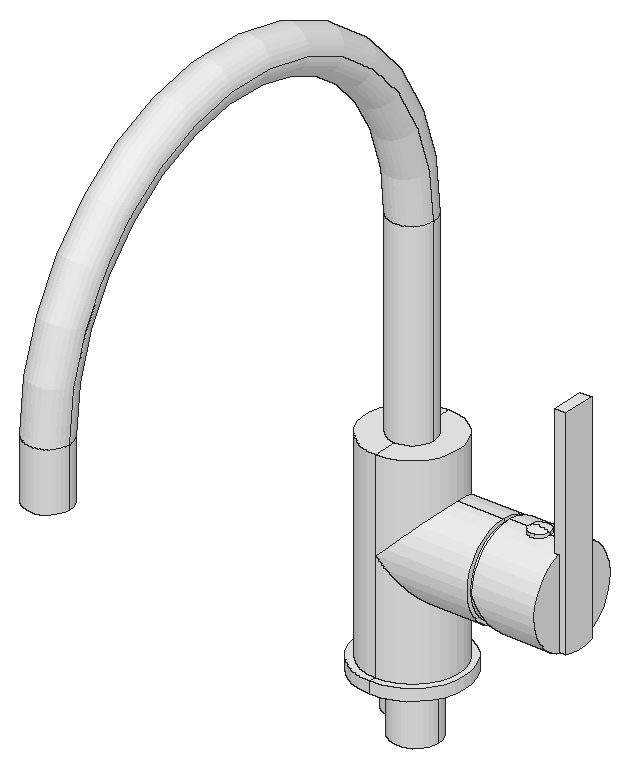
Revit family "Mixer-Sink-Irwell Yukon-Gooseneck", category Plumbing Fixtures, host Face, Revit 2013
Parameters (values of type "Standard")
  Waste Connection = no
  Vent Connection = no
  URL = "www.irwell.com.au"
  Type Comments = "Irwell Yukon Gooseneck Sink Mixer"  # constant formula
  ModifiedIssue_ANZRS = 2013.1  # constant formula
  Model = "872211C4A"  # constant formula
  Material_ANZRS = Metal-Chrome-Caroma
  Manufacturer = "GWA Bathrooms & Kitchens"  # constant formula
  HWFU = 1.98  # constant formula
  HW Connection = yes
  Description = "WELS 4 Star Rated, 7.5L/min"  # constant formula
  Default Elevation = 0 mm
  CreatedBy_ANZRS = "Design Content"  # constant formula
  CreatedByURL_ANZRS = "www.designcontent.com.au"
  Cost = 0
  Connector Radius = 10 mm
  CWFU = 1.98  # constant formula
  CW Connection = yes
  Assembly Code = "C1030210"
Reference planes
  plane 1 "Center (Front/Back)": y = 0
  plane 2: z = 0
  plane 3 "Center (Left/Right)": x = 0
Forms (mm)
  Extrusion 1, solid, material "Metal-Chrome-Caroma" <- "Material_ANZRS"
    sketch origin (14.142, 0, 0) x (1, 0, 0) y (0, 1, 0)
      loop
        circle (-7.071, -7.071) r 10
    from -20 to 0
  Extrusion 2, solid, material "Metal-Chrome-Caroma" <- "Material_ANZRS"
    sketch origin (-14.142, 0, 0) x (-1, 0, 0) y (0, -1, 0)
      loop
        circle (-7.071, -7.071) r 10
    from -20 to 0
  Revolve 3, solid, material "Metal-Chrome-Caroma" <- "Material_ANZRS"
    sketch origin (0, 0, 0) x (0, 1, 0) y (0, 0, 1)
      loop
        line (-23, 0) -> (0, 0) -> (0, 92.017) -> (-20, 92.017) -> (-20, 5.017) -> (-23, 5.017) -> (-23, 0)
      axis (0, 0) -> (0, 92.017)
    angle from 0 to 360
  Sweep 4, solid, material "Metal-Chrome-Caroma" <- "Material_ANZRS"
    path origin (0, 0, 0) x (0, 1, 0) y (0, 0, 1)
      loop
        line (0, 92.017) -> (0, 177.517)
        arc (0, 177.517) -> (-99, 276.517) -> (-198, 177.517) r 99
        line (-198, 177.517) -> (-198, 152.017)
    profile origin (0, 0, 134.767) x (0, -1, 0) y (1, 0, 0)
      loop
        circle (0, 0) r 9.5
  Revolve 5, solid, material "Metal-Chrome-Caroma" <- "Material_ANZRS"
    sketch origin (31.461, 0, 9.021) x (1, 0, 0) y (0, 0, 1)
      loop
        line (-31.461, 43.475) -> (27.055, 43.475)
        arc (27.055, 43.475) -> (21.631, 56.567) -> (8.539, 61.991) r 18.516
        line (8.539, 61.991) -> (8.539, 63.41) -> (-31.461, 63.41) -> (-31.461, 43.475)
      axis (-31.461, 43.475) -> (27.055, 43.475)
    angle from 0 to 360
  Revolve 6, solid, material "Metal-Chrome-Caroma" <- "Material_ANZRS"
    sketch origin (31.461, 0, 9.021) x (1, 0, 0) y (0, 0, 1)
      loop
        line (11.039, 43.475) -> (38.039, 43.475) -> (38.039, 63.953) -> (11.039, 63.953) -> (11.039, 43.475)
      axis (11.039, 43.475) -> (38.039, 43.475)
    angle from 0 to 360
  Extrusion 7, void
    sketch origin (0, 0, 0) x (1, 0, 0) y (0, 0, 1)
      loop
        line (41.051, 56.478) -> (41.051, 29.004) -> (51.051, 29.004) -> (41.051, 56.478)
    from -100 to 100
  Extrusion 8, solid, material "Metal-Chrome-Caroma" <- "Material_ANZRS"
    sketch origin (0, 0, 0) x (0, 1, 0) y (0, 0, 1)
      loop
        line (7, 128.017) -> (-7, 128.017) -> (-7, 33.829)
        arc (-7, 33.829) -> (0, 32.56) -> (7, 33.829) r 19.936
        line (7, 33.829) -> (7, 128.017)
    from 67.5 to 72.5
  Revolve 9, solid, material "Metal-Chrome-Caroma" <- "Material_ANZRS"
    sketch origin (31.461, 0, 9.021) x (1, 0, 0) y (0, 0, 1)
      loop
        line (19.576, 64.996) -> (19.576, 62.526) -> (24.039, 62.526) -> (24.039, 65.996)
        arc (24.039, 65.996) -> (21.752, 65.743) -> (19.576, 64.996) r 10.459
      axis (24.039, 65.996) -> (24.039, 62.526)
    angle from 0 to 360
Cuts and joins
  Extrusion 7 cuts Revolve 6
  joined: Revolve 3, Sweep 4, Revolve 5, Revolve 6, Extrusion 8, Revolve 9
Lines and regions (mm)
  Masking region 1
    outline origin (0, 0, 0) x (1, 0, 0) y (0, 0, 1)
      loop
        line (0, 0) -> (23, 0) -> (23, 5.017) -> (20, 5.017) -> (20, 32.56) -> (40, 32.56) -> (40, 33.98)
        arc (40, 33.98) -> (44.365, 34.514) -> (48.492, 36.033) r 19.105
        line (48.492, 36.033) -> (49.953, 32.018) -> (72.5, 32.018) -> (72.5, 128.017) -> (67.5, 128.017) -> (67.5, 72.974) -> (59.963, 72.974) -> (59.963, 74.017)
        arc (59.963, 74.017) -> (55.5, 75.04) -> (51.037, 74.017) r 10.246
        line (51.037, 74.017) -> (51.037, 72.974) -> (42.5, 72.974) -> (42.5, 70.843)
        arc (42.5, 70.843) -> (41.253, 70.966) -> (40, 71.012) r 20.027
        line (40, 71.012) -> (40, 72.432) -> (20, 72.432) -> (20, 92.017) -> (9.5, 92.017) -> (9.5, 276.47)
        arc (9.5, 276.47) -> (0, 285.97) -> (-9.5, 276.47) r 9.5
        line (-9.5, 276.47) -> (-9.5, 92.017) -> (-20, 92.017) -> (-20, 5.017) -> (-23, 5.017) -> (-23, 0) -> (0, 0)
  Masking region 2
    outline origin (0, 0, 0) x (1, 0, 0) y (0, 1, 0)
      loop
        arc (9.5, -20.946) -> (10.497, -20.465) -> (11.47, -19.936) r 23
        line (11.47, -19.936) -> (40, -19.936) -> (40, -18.516)
        arc (40, -18.516) -> (41.251, -18.451) -> (42.5, -18.347) r 40.401
        line (42.5, -18.347) -> (42.5, -20.478) -> (69.5, -20.478) -> (69.5, -7) -> (72.5, -7) -> (72.5, 7) -> (69.5, 7) -> (69.5, 20.478) -> (42.5, 20.478) -> (42.5, 18.347)
        arc (42.5, 18.347) -> (41.251, 18.451) -> (40, 18.516) r 40.401
        line (40, 18.516) -> (40, 19.936) -> (11.47, 19.936)
        arc (11.47, 19.936) -> (-20.465, 10.497) -> (-9.5, -20.946) r 23
        line (-9.5, -20.946) -> (-9.5, -198)
        arc (-9.5, -198) -> (0, -207.5) -> (9.5, -198) r 9.5
        line (9.5, -198) -> (9.5, -20.946)
  symbolic lines
    curve 1: line (-20, 0, 92.017) -> (20, 0, 92.017)
    curve 2: line (-9.5, 0, 152.017) -> (9.5, 0, 152.017)
    curve 3: line (-20, 0, 5.017) -> (20, 0, 5.017)
    curve 4: line (20, 0, 32.56) -> (0.029, 0, 52.531)
    curve 5: line (0.029, 0, 52.531) -> (20, 0, 72.501)
    curve 6: line (40, 0, 72.432) -> (40, 0, 32.56)
    curve 7: line (42.5, 0, 72.974) -> (42.5, 0, 52.496)
    curve 8: line (42.5, 0, 52.496) -> (49.978, 0, 31.951)
    curve 9: line (67.5, 0, 71.741) -> (69.5, 0, 71.741)
    curve 10: line (69.5, 0, 71.741) -> (69.5, 0, 32.018)
    curve 11: line (72.5, 0, 33.829) -> (69.5, 0, 33.829)
    curve 12: line (67.5, 0, 71.741) -> (67.5, 0, 128.017)
    curve 13: line (59.963, 0, 72.974) -> (51.037, 0, 72.974)
    curve 14: line (59.963, 0, 74.017) -> (51.037, 0, 74.017)
    curve 15: circle (0, 0, 0) r 19.936 normal (0, 0, 1)
    curve 16: line (40, 19.936, 0) -> (0, 19.936, 0)
    curve 17: line (40, -19.936, 0) -> (9.5, -19.936, 0)
    curve 18: line (9.5, 0, 0) -> (9.5, -198, 0)
    curve 19: arc (9.5, -198, 0) -> (0, -207.5, 0) -> (-9.5, -198, 0) r 9.5
    curve 20: line (-9.5, -198, 0) -> (-9.5, 0, 0)
    curve 21: arc (-9.5, 0, 0) -> (0, 9.5, 0) -> (9.5, 0, 0) r 9.5
    curve 22: line (40, -19.936, 0) -> (40, 19.936, 0)
    curve 23: line (42.501, 20.408, 0) -> (42.5, -20.478, 0)
    curve 24: line (67.5, 7, 0) -> (72.5, 7, 0)
    curve 25: line (67.5, -7, 0) -> (67.5, 7, 0)
    curve 26: line (72.5, -7, 0) -> (67.5, -7, 0)
    curve 27: line (72.5, 7, 0) -> (72.5, -7, 0)
Dimensions and locks
  aligned and locked: plane 2 to host face
  aligned and locked: level to host face
Connectors
  piping at (7.071, -7.071, -20), driven by "Connector Radius", driven by "CWFU"
    settings: on Extrusion 1, index 3, connector radius 0.3937", flow factor 0, pipe flow 0 GPM, pressure drop 0.00 psi, fitting loss kfactor 0, connector angle 0.00°, fixture units 1.98, engagement length 0 mm, flow configuration 3, flow direction 1, fitting loss method 1, system type 20, joint type 0, gender type 0, connector reference index -1, connector utility 0, adjustable connector no, is connector primary yes, fitting loss table "Outlet", connector description "Cold Inlet"
  piping at (-7.071, 7.071, -20), driven by "Connector Radius", driven by "HWFU"
    settings: on Extrusion 2, index 4, connector radius 0.3937", flow factor 0, pipe flow 0 GPM, pressure drop 0.00 psi, fitting loss kfactor 0, connector angle 0.00°, fixture units 1.98, engagement length 0 mm, flow configuration 3, flow direction 1, fitting loss method 1, system type 19, joint type 0, gender type 0, connector reference index -1, connector utility 0, adjustable connector no, is connector primary no, fitting loss table "Outlet", connector description "Hot Inlet"
